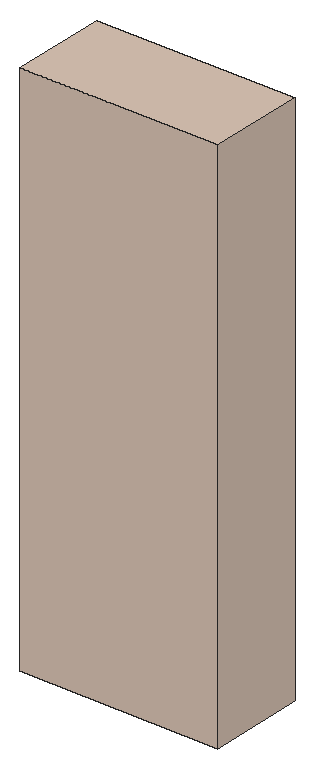
Revit family "Niche_NobleCompany_306", category Generic Models, host Wall, Revit 2016
Family settings
  Host = Wall
  Part Type = Normal
  Can host rebar = No
  Round Connector Dimension = Use Diameter
  Always vertical = Yes
  Cut with Voids When Loaded = No
  Shared = No
  Room Calculation Point = No
Parameters (values of type "306 Narrow Arch Combo")
  Width = 0' - 8 1/4"
  URL = "www.noblecompany.com"
  Tile Thickness [instance] = 0' - 0 1/4"
  Thickness = 0' - 1 1/8"
  Specification = ""
  Sales Information = "http://noblecompany.com/contact/"
  Revision = "R1_09-2016"
  Product Properties = "http://noblecompany.com/products/noble-niches"
  Product Data = "http://www.arcat.com/arcatcos/cos34/arc34489.html"
  Niche Material = Acrylic Polymer Finish
  Model = "306"
  Manufacturer Website = "www.noblecompany.com"
  Manufacturer Phone - Toll Free = "800-878-5788"
  Manufacturer Phone = "231-799-8000"
  Manufacturer Fax = "231-799-8850"
  Manufacturer Address = "P. O. Box 350, Grand Haven, MI 49417-0350"
  Manufacturer = "Noble Company"
  Keynote = "10 28 00"
  Installation-Fabrication = "http://noblecompany.com/storage/docs/resources/NN062016-13_Noble_Niche_Installation_Instruction.pdf"
  Instal Height [instance] = 5' - 0"
  Height = 1' - 10 1/2"
  Drawn By = "Sumex Design - Robert S Weygant"
  Description = "306 Narrow Arch Combo Niche"
  Depth = 0' - 4"
  Copyright = "� 2016 ARCAT Inc."
  Construction Details = ""
  Assembly Code = "D2010700"
Reference planes (in)
  plane 1: y = 0
  plane 2 "Center (Left/Right)": x = 0
  plane 3 "Wall Edge": y = 3
  plane 4: x = -4.125
  plane 5: y = 2.75
  plane 6: y = -1.25
  plane 7: x = 4.125
  plane 8: z = 60
  plane 9: z = 37.5
  plane 10: x = -3
  plane 11: x = 3
  plane 12: y = -0.75
  plane 13: z = 38.75
  plane 14: z = 58.75
Forms (in)
  Extrusion 1, void
    sketch origin (0, 0, 0) x (1, 0, 0) y (0, 1, 0)
      loop
        line (-4.125, 2.75) -> (-4.125, -1.25) -> (4.125, -1.25) -> (4.125, 2.75) -> (-4.125, 2.75)
    from 37.5 to 60
  Extrusion 2, solid, material "Acrylic Polymer Finish" <- "Niche Material"
    sketch origin (0, 0, 0) x (1, 0, 0) y (0, 1, 0)
      loop
        line (-4.125, 2.75) -> (-4.125, -1.25) -> (4.125, -1.25) -> (4.125, 2.75) -> (-4.125, 2.75)
    from 37.5 to 60
  Extrusion 3, void
    sketch origin (0, 3, 0) x (1, 0, 0) y (0, 0, 1)
      loop
        line (3, 38.75) -> (3, 44.75) -> (-3, 44.75) -> (-3, 38.75) -> (3, 38.75)
      loop
        line (-3, 56.5) -> (-3, 46.5) -> (3, 46.5) -> (3, 56.5)
        arc (3, 56.5) -> (0, 58.75) -> (-3, 56.5) r 3.125
    from 0 to 3.75
Cuts and joins
  Extrusion 3 cuts Extrusion 2
Text (in)
  text "Placement Side" at (0, 40.15149, 123.01588), in view "Right"
  text "Placement Side" at (-105.78919, 39.84311, 0), in view "Ref. Level"
  text "Placement Side" at (0, 81.62555, 140.59947), in view "Left"
Dimensions and locks (in)
  host wall to plane 3 "Wall Edge" = 0' - 0"
  equal spacing: plane 4, plane 2 "Center (Left/Right)", plane 7
  "Width": plane 4 to plane 7
  "Depth": plane 5 to plane 6
  "Height": plane 9 to plane 8
  "Instal Height": level to plane 8
  locked: plane 12 to plane 6 at 0.5
  locked: plane 4 to plane 10 at 1.125
  locked: plane 11 to plane 7 at 1.125
  plane 14 to plane 8 = 0' - 1 1/4"
  locked: plane 9 to plane 13 at 1.25
  host wall to plane 5 = 0' - 0 1/4"
  "Tile Thickness": plane 5 to plane 3 "Wall Edge"
  locked: plane 13 to Extrusion 3 sketch curve at 6
  Extrusion 3 sketch curve to Extrusion 3 sketch curve = 0' - 1 3/4"
  aligned and locked: Extrusion 1 sketch curve to plane 5
  aligned and locked: plane 4 to Extrusion 1 sketch curve
  aligned and locked: plane 6 to Extrusion 1 sketch curve
  aligned and locked: plane 7 to Extrusion 1 sketch curve
  aligned and locked: plane 8 to Extrusion 1
  aligned and locked: Extrusion 1 to plane 9
  aligned and locked: Extrusion 2 sketch curve to plane 5
  aligned and locked: plane 4 to Extrusion 2 sketch curve
  aligned and locked: plane 6 to Extrusion 2 sketch curve
  aligned and locked: plane 7 to Extrusion 2 sketch curve
  aligned and locked: plane 8 to Extrusion 2
  aligned and locked: Extrusion 2 to plane 9
  aligned and locked: plane 11 to Extrusion 3 sketch curve
  aligned and locked: plane 10 to Extrusion 3 sketch curve
  aligned and locked: Extrusion 3 to plane 12
  aligned and locked: Extrusion 3 sketch curve to plane 13
  aligned and locked: Extrusion 3 to plane 3 "Wall Edge"
  aligned and locked: plane 3 "Wall Edge" to host wall
  aligned and locked: Extrusion 3 sketch curve to plane 11
  aligned and locked: Extrusion 3 sketch curve to plane 10
Automatic sketch dimensions
  Extrusion 3 sketch curve to plane 2 "Center (Left/Right)" = 0' - 0"
  Extrusion 3 sketch curve to plane 14 = 0' - 3 1/8"
  Extrusion 3 sketch curve to plane 14 = 0' - 2 1/4"
